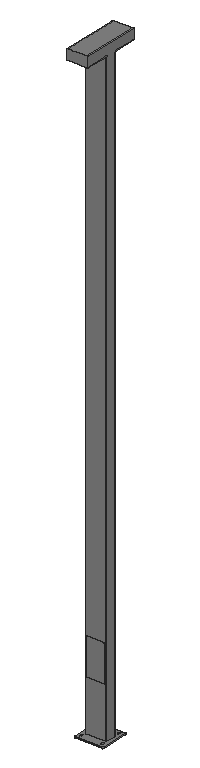
Revit family "Супремус В", category Осветительные приборы, Revit 2019 (continued)
Types (7, lengths in mm): name | Файл фотометрической сетки | built-in parameter 1150105 | Lumens | built-in parameter 1150106 | built-in parameter 1150142 | Wattage | L_общая рассеиватели | ADSK_Фактическая мощность | ADSK_Размер_Высота | ADSK_Номинальная мощность | ADSK_Наименование | ADSK_Масса_Текст | ADSK_Масса | ADSK_Артикул | 2
    0 0.0 0.0 0.0 0.0 0.0 0.0 0.0 0.0 0.0 0.0 0.0 0.0 0.0\r\n 0.0 0.0 0.0 0.0 0.0 0.0 0.0 0.0 0.0 0.0 0.0 0.0 0.0 0.0 0.0 0.0 0.0 0.0 0.0 0.0 0.0 0.0 0.0 0.0 0.0 0.0 0.0 0.0 0.0 0.0 0.0 0.0\r\n 0.0 0.0 0.0 0.0 0.0\r\n275.6 273.7 271.8 269.8 267.9 265.9 264.0 262.0 260.0 257.9 255.6 253.3 251.0 248.8 246.1 243.5 240.4 237.2 233.8 230.1 226.8\r\n 223.3 220.1 217.1 214.2 211.4 209.0 206.5 203.6 200.6 197.6 194.5 191.5 188.3 185.1 181.9 178.6 175.4 171.7 167.9 164.1 160.3\r\n 157.0 153.7 150.5 147.5 144.5 141.6 138.7 135.8 133.1 130.7 128.9 127.4 126.3 124.5 122.6 120.8 119.4 117.7 115.8 113.8 111.8\r\n 109.5 107.1 104.6 102.1 99.7 97.4 95.1 92.7 90.3 87.8 85.5 83.3 81.3 79.2 77.1 75.0 73.0 71.0 69.0 67.0 65.2 63.2 61.2 59.1 57.1\r\n 55.1 53.0 51.0 49.2 47.5 46.0 44.6 43.3 42.0 40.8 39.9 39.1 38.3 37.6 37.1 36.7 36.5 36.3 36.0 35.7 35.2 34.6 34.1 33.7 33.4 33.4\r\n 33.6 34.1 33.9 32.6 31.7 30.9 30.3 29.9 29.4 28.7 28.0 27.5 27.1 26.8 26.9 27.3 28.1 28.9 30.1 32.0 34.5 37.0 39.1 40.8 41.2 42.0\r\n 42.7 42.8 42.6 41.8 41.0 40.2 39.3 38.3 37.3 36.3 35.4 35.4 35.9 35.3 34.7 33.9 33.8 33.5 33.0 32.0 31.2 29.9 28.3 26.9 25.6 24.7\r\n 23.8 23.0 22.0 21.1 20.2 19.2 18.1 16.7 14.9 13.3 12.3 11.2 10.0 8.9 8.1 7.5 6.9 6.5 6.6 6.1 5.8 5.8 5.3 5.3 4.3 3.9 3.8 3.6 3.7\r\n 3.7 3.4 3.2 2.3 2.1 1.8 0.0 0.0 0.0 0.0 0.0 0.0 0.0 0.0 0.0 0.0 0.0 0.0 0.0 0.0 0.0 0.0 0.0 0.0 0.0 0.0 0.0 0.0 0.0 0.0 0.0 0.0\r\n 0.0 0.0 0.0 0.0 0.0 0.0 0.0 0.0 0.0 0.0 0.0 0.0 0.0 0.0 0.0 0.0 0.0 0.0 0.0 0.0 0.0 0.0 0.0 0.0 0.0 0.0 0.0 0.0 0.0 0.0 0.0 0.0\r\n 0.0 0.0 0.0 0.0 0.0 0.0 0.0 0.0 0.0 0.0 0.0 0.0 0.0 0.0 0.0 0.0 0.0 0.0 0.0 0.0 0.0 0.0 0.0 0.0 0.0 0.0 0.0 0.0 0.0 0.0 0.0 0.0\r\n 0.0 0.0 0.0 0.0 0.0 0.0 0.0 0.0 0.0 0.0 0.0 0.0 0.0 0.0 0.0 0.0 0.0 0.0 0.0 0.0 0.0 0.0 0.0 0.0 0.0 0.0 0.0 0.0 0.0 0.0 0.0 0.0\r\n 0.0 0.0 0.0 0.0 0.0 0.0 0.0 0.0 0.0 0.0 0.0 0.0 0.0 0.0 0.0 0.0 0.0 0.0 0.0 0.0 0.0 0.0 0.0 0.0 0.0 0.0 0.0 0.0 0.0 0.0 0.0 0.0\r\n 0.0 0.0 0.0 0.0 0.0 0.0\r\n275.6 274.0 272.1 270.3 268.4 266.6 264.6 262.9 261.0 259.1 257.1 254.9 252.7 250.4 248.0 245.7 243.1 240.2 237.2 234.1 230.9\r\n 227.5 224.1 221.0 218.1 215.2 212.5 210.1 207.6 205.1 202.5 199.5 196.8 194.1 191.3 188.5 185.6 182.6 179.7 176.8 173.7 170.4\r\n 167.1 163.7 160.4 157.2 154.4 151.6 149.0 146.4 143.9 141.5 139.1 136.7 134.5 132.4 130.5 129.1 127.6 126.3 125.0 123.7 122.2\r\n 120.7 119.1 117.3 115.4 113.4 111.3 109.2 107.0 104.7 102.5 100.4 98.3 96.1 93.9 91.6 89.3 87.0 84.8 82.6 80.5 78.5 76.6 74.8\r\n 73.0 71.3 69.4 67.4 65.5 63.7 61.8 60.1 58.4 56.6 54.7 53.1 51.6 50.4 49.3 48.3 47.3 46.3 45.5 45.1 44.6 44.0 43.7 43.2 42.7 42.4\r\n 41.9 41.5 41.0 40.5 40.5 40.8 41.1 40.8 40.2 39.6 38.9 38.4 38.0 37.7 37.4 37.1 36.7 36.3 36.0 35.9 36.1 36.5 37.0 37.5 38.7 40.3\r\n 41.7 42.9 43.7 45.3 47.0 48.8 49.4 49.4 49.3 48.6 47.4 46.0 44.8 43.9 42.8 41.3 40.0 38.5 37.7 37.3 36.5 35.8 34.9 33.8 32.3 30.4\r\n 28.6 26.8 25.2 23.6 22.1 20.8 19.6 18.4 17.2 16.0 14.3 12.4 11.0 9.8 8.5 7.3 6.5 6.0 5.5 5.1 4.9 4.9 4.8 4.7 4.4 4.0 3.5 3.3 3.2\r\n 3.2 3.0 2.9 2.7 2.1 2.0 1.7 1.5 0.0 0.0 0.0 0.0 0.0 0.0 0.0 0.0 0.0 0.0 0.0 0.0 0.0 0.0 0.0 0.0 0.0 0.0 0.0 0.0 0.0 0.0 0.0 0.0\r\n 0.0 0.0 0.0 0.0 0.0 0.0 0.0 0.0 0.0 0.0 0.0 0.0 0.0 0.0 0.0 0.0 0.0 0.0 0.0 0.0 0.0 0.0 0.0 0.0 0.0 0.0 0.0 0.0 0.0 0.0 0.0 0.0\r\n 0.0 0.0 0.0 0.0 0.0 0.0 0.0 0.0 0.0 0.0 0.0 0.0 0.0 0.0 0.0 0.0 0.0 0.0 0.0 0.0 0.0 0.0 0.0 0.0 0.0 0.0 0.0 0.0 0.0 0.0 0.0 0.0\r\n 0.0 0.0 0.0 0.0 0.0 0.0 0.0 0.0 0.0 0.0 0.0 0.0 0.0 0.0 0.0 0.0 0.0 0.0 0.0 0.0 0.0 0.0 0.0 0.0 0.0 0.0 0.0 0.0 0.0 0.0 0.0 0.0\r\n 0.0 0.0 0.0 0.0 0.0 0.0 0.0 0.0 0.0 0.0 0.0 0.0 0.0 0.0 0.0 0.0 0.0 0.0 0.0 0.0 0.0 0.0 0.0 0.0 0.0 0.0 0.0 0.0 0.0 0.0 0.0 0.0\r\n 0.0 0.0 0.0 0.0 0.0 0.0 0.0 0.0\r\n275.6 274.1 272.5 270.6 269.1 267.3 265.5 264.1 262.1 260.4 258.7 256.7 254.6 252.5 250.2 248.0 245.9 243.5 241.0 238.4 235.6\r\n 232.7 229.7 226.6 223.5 220.5 217.8 215.0 212.3 209.8 207.4 205.1 202.8 200.4 197.9 195.4 193.0 190.5 188.1 185.7 183.1 180.5\r\n 177.9 175.1 172.5 169.8 167.1 164.3 161.6 158.9 156.3 153.9 151.7 149.6 147.9 146.2 144.6 142.7 141.1 139.4 137.8 136.4 134.8\r\n 133.4 132.3 131.1 129.6 128.1 126.7 125.0 123.3 121.8 120.0 118.2 116.4 114.5 112.6 110.8 109.1 107.4 105.8 104.2 102.6 101.0\r\n 99.4 97.8 96.1 94.5 92.6 90.8 89.1 87.3 85.7 84.1 82.3 80.6 79.0 77.5 76.1 74.8 73.5 72.4 71.5 70.4 69.1 68.2 67.1 66.2 65.2 64.3\r\n 63.5 62.8 62.0 61.3 60.8 60.4 60.2 60.0 59.7 59.5 59.3 58.8 58.6 58.4 57.8 57.2 56.7 56.2 55.7 55.2 54.5 53.9 53.3 53.0 52.7 52.5\r\n 52.5 52.4 52.3 52.4 52.9 53.4 53.9 54.8 56.1 57.5 58.5 59.5 60.3 61.2 61.2 61.1 60.8 60.0 58.4 55.4 52.5 50.2 48.1 45.9 43.5 40.9\r\n 38.5 36.2 33.8 31.6 29.6 27.6 25.6 23.7 21.8 19.9 18.4 17.0 15.5 14.0 11.9 9.9 8.8 7.7 6.9 6.1 5.5 5.1 4.7 4.5 4.7 4.7 4.3 3.7\r\n 3.3 3.0 3.2 3.0 2.7 2.4 2.0 1.9 1.6 1.4 1.3 0.0 0.0 0.0 0.0 0.0 0.0 0.0 0.0 0.0 0.0 0.0 0.0 0.0 0.0 0.0 0.0 0.0 0.0 0.0 0.0 0.0\r\n 0.0 0.0 0.0 0.0 0.0 0.0 0.0 0.0 0.0 0.0 0.0 0.0 0.0 0.0 0.0 0.0 0.0 0.0 0.0 0.0 0.0 0.0 0.0 0.0 0.0 0.0 0.0 0.0 0.0 0.0 0.0 0.0\r\n 0.0 0.0 0.0 0.0 0.0 0.0 0.0 0.0 0.0 0.0 0.0 0.0 0.0 0.0 0.0 0.0 0.0 0.0 0.0 0.0 0.0 0.0 0.0 0.0 0.0 0.0 0.0 0.0 0.0 0.0 0.0 0.0\r\n 0.0 0.0 0.0 0.0 0.0 0.0 0.0 0.0 0.0 0.0 0.0 0.0 0.0 0.0 0.0 0.0 0.0 0.0 0.0 0.0 0.0 0.0 0.0 0.0 0.0 0.0 0.0 0.0 0.0 0.0 0.0 0.0\r\n 0.0 0.0 0.0 0.0 0.0 0.0 0.0 0.0 0.0 0.0 0.0 0.0 0.0 0.0 0.0 0.0 0.0 0.0 0.0 0.0 0.0 0.0 0.0 0.0 0.0 0.0 0.0 0.0 0.0 0.0 0.0 0.0\r\n 0.0 0.0 0.0 0.0 0.0 0.0 0.0 0.0 0.0 0.0 0.0\r\n275.6 274.2 272.7 271.1 269.7 268.1 266.5 264.9 263.4 261.7 260.1 258.5 256.5 254.6 252.6 250.5 248.5 246.5 244.4 242.2 239.9\r\n 237.4 234.9 232.2 229.4 226.6 223.8 221.1 218.4 215.8 213.2 210.8 208.5 206.2 204.1 201.9 199.9 197.7 195.3 193.2 191.2 188.9\r\n 187.1 185.2 183.2 181.2 179.1 177.0 174.9 173.0 171.0 169.2 167.5 165.7 164.0 162.3 160.8 159.3 157.9 156.6 155.2 154.2 153.1\r\n 151.8 150.5 149.3 148.0 146.6 145.1 143.4 141.6 139.9 138.2 136.8 135.5 134.4 133.3 132.3 131.3 130.1 129.0 127.8 126.6 125.2\r\n 123.8 122.4 121.0 119.6 118.2 116.8 115.6 114.6 113.1 111.9 110.5 109.6 108.3 107.1 106.2 105.5 104.5 103.3 102.3 101.4 100.4\r\n 99.3 98.1 97.1 95.9 94.8 93.8 92.9 92.0 91.4 90.7 90.2 89.6 89.1 88.5 88.0 87.8 87.5 87.4 87.5 87.2 86.8 86.9 86.5 85.9 85.5 85.1\r\n 84.8 84.5 84.2 83.8 83.3 82.6 82.2 81.9 81.3 80.9 80.7 80.1 79.8 79.5 79.2 78.0 76.8 75.6 74.2 72.3 69.7 67.1 63.8 60.6 55.9 50.9\r\n 46.6 42.4 38.5 35.5 33.1 30.8 29.0 27.5 26.3 25.4 24.4 23.6 22.7 21.6 20.7 20.0 19.0 18.1 16.9 15.5 13.4 11.1 9.5 7.9 6.8 6.0 5.3\r\n 4.7 4.2 3.8 3.4 3.4 3.2 3.3 2.9 2.8 2.6 2.3 2.0 1.7 1.5 1.4 1.2 1.2 0.0 0.0 0.0 0.0 0.0 0.0 0.0 0.0 0.0 0.0 0.0 0.0 0.0 0.0 0.0\r\n 0.0 0.0 0.0 0.0 0.0 0.0 0.0 0.0 0.0 0.0 0.0 0.0 0.0 0.0 0.0 0.0 0.0 0.0 0.0 0.0 0.0 0.0 0.0 0.0 0.0 0.0 0.0 0.0 0.0 0.0 0.0 0.0\r\n 0.0 0.0 0.0 0.0 0.0 0.0 0.0 0.0 0.0 0.0 0.0 0.0 0.0 0.0 0.0 0.0 0.0 0.0 0.0 0.0 0.0 0.0 0.0 0.0 0.0 0.0 0.0 0.0 0.0 0.0 0.0 0.0\r\n 0.0 0.0 0.0 0.0 0.0 0.0 0.0 0.0 0.0 0.0 0.0 0.0 0.0 0.0 0.0 0.0 0.0 0.0 0.0 0.0 0.0 0.0 0.0 0.0 0.0 0.0 0.0 0.0 0.0 0.0 0.0 0.0\r\n 0.0 0.0 0.0 0.0 0.0 0.0 0.0 0.0 0.0 0.0 0.0 0.0 0.0 0.0 0.0 0.0 0.0 0.0 0.0 0.0 0.0 0.0 0.0 0.0 0.0 0.0 0.0 0.0 0.0 0.0 0.0 0.0\r\n 0.0 0.0 0.0 0.0 0.0 0.0 0.0 0.0 0.0 0.0 0.0 0.0 0.0 0.0 0.0 0.0 0.0\r\n275.6 274.5 273.1 271.8 270.3 269.0 267.6 266.3 264.7 263.4 261.8 260.1 258.7 257.0 255.2 253.4 251.8 249.9 247.9 246.0 244.1\r\n 242.0 239.9 237.7 235.5 233.3 231.0 228.6 226.3 223.8 221.5 219.0 216.5 214.2 211.9 209.7 207.4 205.3 203.3 201.5 199.8 198.0\r\n 196.3 194.6 193.1 191.7 190.5 189.2 188.1 187.1 186.2 185.1 183.9 182.8 181.7 180.7 179.6 178.5 177.6 176.7 175.9 174.8 174.0\r\n 173.1 172.0 170.9 169.5 168.4 166.8 165.4 164.0 162.6 161.5 160.4 159.5 158.7 157.8 156.9 156.0 155.1 154.3 153.4 152.4 151.3\r\n 150.2 149.3 148.4 147.6 146.9 146.7 145.9 145.0 144.3 143.6 142.5 141.6 141.4 140.7 139.8 138.8 137.9 137.0 135.8 134.8 133.9\r\n 133.0 132.1 131.3 130.5 129.8 129.1 128.4 127.9 127.5 127.1 126.7 126.6 126.4 126.3 126.0 125.8 125.5 125.1 125.0 124.8 124.1\r\n 123.4 122.7 122.2 121.7 121.3 121.1 120.6 120.0 119.3 118.6 118.0 117.0 115.8 114.3 112.6 110.5 107.9 104.6 100.9 97.1 93.2 89.6\r\n 85.0 79.4 74.0 69.0 63.4 56.9 50.6 45.2 40.6 37.4 35.3 33.5 32.1 30.9 30.1 29.4 28.7 27.9 26.9 25.6 24.1 22.6 20.9 19.1 17.5 16.1\r\n 14.7 13.3 11.7 10.4 9.3 7.9 6.4 5.5 4.9 4.3 3.8 3.4 3.0 2.6 2.3 2.3 2.3 2.3 2.3 2.0 1.7 1.4 1.4 1.3 1.3 1.2 1.2 0.0 0.0 0.0 0.0\r\n 0.0 0.0 0.0 0.0 0.0 0.0 0.0 0.0 0.0 0.0 0.0 0.0 0.0 0.0 0.0 0.0 0.0 0.0 0.0 0.0 0.0 0.0 0.0 0.0 0.0 0.0 0.0 0.0 0.0 0.0 0.0 0.0\r\n 0.0 0.0 0.0 0.0 0.0 0.0 0.0 0.0 0.0 0.0 0.0 0.0 0.0 0.0 0.0 0.0 0.0 0.0 0.0 0.0 0.0 0.0 0.0 0.0 0.0 0.0 0.0 0.0 0.0 0.0 0.0 0.0\r\n 0.0 0.0 0.0 0.0 0.0 0.0 0.0 0.0 0.0 0.0 0.0 0.0 0.0 0.0 0.0 0.0 0.0 0.0 0.0 0.0 0.0 0.0 0.0 0.0 0.0 0.0 0.0 0.0 0.0 0.0 0.0 0.0\r\n 0.0 0.0 0.0 0.0 0.0 0.0 0.0 0.0 0.0 0.0 0.0 0.0 0.0 0.0 0.0 0.0 0.0 0.0 0.0 0.0 0.0 0.0 0.0 0.0 0.0 0.0 0.0 0.0 0.0 0.0 0.0 0.0\r\n 0.0 0.0 0.0 0.0 0.0 0.0 0.0 0.0 0.0 0.0 0.0 0.0 0.0 0.0 0.0 0.0 0.0 0.0 0.0 0.0 0.0 0.0 0.0 0.0 0.0 0.0 0.0 0.0\r\n275.6 274.6 273.5 272.3 271.1 269.8 268.7 267.3 266.1 264.8 263.5 261.9 260.6 259.2 257.7 256.3 254.8 253.2 251.7 250.0 248.2\r\n 246.4 244.5 242.6 240.7 238.9 237.2 235.3 233.4 231.6 229.6 227.4 225.3 223.1 221.1 219.3 217.2 215.3 213.5 211.6 210.0 208.4\r\n 206.9 205.7 204.4 203.3 202.3 201.3 200.4 199.6 199.1 198.7 198.2 197.7 197.3 196.7 196.4 195.9 195.6 195.3 195.2 194.9 194.3\r\n 193.7 193.2 192.6 191.7 191.0 190.3 189.5 188.8 188.1 187.4 186.9 186.2 185.8 185.2 184.6 184.1 183.4 182.9 182.4 182.0 181.5\r\n 181.2 180.9 180.7 180.8 180.8 180.1 179.4 179.1 178.7 178.4 178.5 178.4 177.6 176.8 176.2 175.4 174.3 173.3 172.4 171.8 171.2\r\n 170.6 170.1 169.6 169.3 169.0 168.7 168.4 168.1 167.9 167.8 167.6 167.5 167.5 167.4 167.2 167.0 166.6 166.2 165.8 165.4 164.8\r\n 164.4 164.2 164.0 163.6 163.1 162.4 161.6 160.3 159.0 157.3 155.4 153.1 150.1 146.5 142.0 137.0 132.0 126.4 119.6 112.2 104.8\r\n 97.6 90.1 83.2 76.7 71.3 66.4 63.0 59.7 57.8 56.7 55.2 53.5 51.5 48.9 46.0 42.6 39.0 35.1 31.3 27.8 24.6 21.8 19.0 16.6 14.5 12.7\r\n 11.2 9.8 8.6 7.5 6.6 5.9 5.3 4.5 3.7 3.3 3.1 2.9 2.6 2.3 2.1 2.0 1.9 1.7 1.5 1.4 1.3 1.2 1.1 1.1 1.1 1.2 1.2 1.2 0.0 0.0 0.0 0.0\r\n 0.0 0.0 0.0 0.0 0.0 0.0 0.0 0.0 0.0 0.0 0.0 0.0 0.0 0.0 0.0 0.0 0.0 0.0 0.0 0.0 0.0 0.0 0.0 0.0 0.0 0.0 0.0 0.0 0.0 0.0 0.0 0.0\r\n 0.0 0.0 0.0 0.0 0.0 0.0 0.0 0.0 0.0 0.0 0.0 0.0 0.0 0.0 0.0 0.0 0.0 0.0 0.0 0.0 0.0 0.0 0.0 0.0 0.0 0.0 0.0 0.0 0.0 0.0 0.0 0.0\r\n 0.0 0.0 0.0 0.0 0.0 0.0 0.0 0.0 0.0 0.0 0.0 0.0 0.0 0.0 0.0 0.0 0.0 0.0 0.0 0.0 0.0 0.0 0.0 0.0 0.0 0.0 0.0 0.0 0.0 0.0 0.0 0.0\r\n 0.0 0.0 0.0 0.0 0.0 0.0 0.0 0.0 0.0 0.0 0.0 0.0 0.0 0.0 0.0 0.0 0.0 0.0 0.0 0.0 0.0 0.0 0.0 0.0 0.0 0.0 0.0 0.0 0.0 0.0 0.0 0.0\r\n 0.0 0.0 0.0 0.0 0.0 0.0 0.0 0.0 0.0 0.0 0.0 0.0 0.0 0.0 0.0 0.0 0.0 0.0 0.0 0.0 0.0 0.0 0.0 0.0 0.0 0.0 0.0 0.0\r\n275.6 274.9 273.9 272.9 272.0 270.8 269.8 268.8 267.7 266.6 265.4 264.1 262.9 261.6 260.3 259.1 257.8 256.6 255.2 253.9 252.5\r\n 251.0 249.6 247.9 246.4 244.8 243.2 241.7 240.0 238.2 236.9 235.3 233.9 232.6 231.1 229.8 228.3 227.1 225.6 224.3 223.0 222.0\r\n 220.7 219.7 218.6 217.8 216.9 216.0 215.4 214.7 214.0 213.5 213.1 212.6 212.3 211.7 211.4 211.3 211.2 211.1 211.0 210.8 210.8\r\n 210.8 210.7 210.7 210.6 210.8 210.8 210.8 210.9 211.1 211.3 211.4 211.5 211.5 211.5 211.4 211.4 211.5 211.7 211.9 211.9 212.1\r\n 212.3 212.6 213.2 213.5 213.4 213.3 213.4 213.4 213.8 214.1 213.9 213.2 212.9 212.5 211.9 211.5 211.3 211.1 211.0 210.9 210.9\r\n 210.9 210.8 210.8 210.8 210.8 210.9 211.0 211.0 211.1 211.3 211.7 212.3 212.9 213.3 213.6 214.1 214.4 214.6 214.7 214.8 214.7\r\n 214.4 214.2 213.8 213.2 211.9 210.0 207.8 204.8 201.7 198.5 194.3 189.5 184.1 178.3 172.2 165.8 157.9 150.2 142.1 134.7 127.3\r\n 119.8 112.4 106.8 103.0 100.5 98.7 97.7 96.6 94.1 89.8 83.3 75.8 67.4 59.0 50.9 42.7 35.4 29.7 25.2 21.8 18.9 16.4 14.1 12.1 10.4\r\n 9.0 8.0 7.0 6.3 5.6 4.9 4.2 3.7 3.4 3.2 3.1 3.0 2.6 2.3 2.1 2.0 1.8 1.6 1.4 1.2 1.1 1.1 1.1 1.1 1.1 1.1 1.2 1.2 1.2 0.0 0.0 0.0\r\n 0.0 0.0 0.0 0.0 0.0 0.0 0.0 0.0 0.0 0.0 0.0 0.0 0.0 0.0 0.0 0.0 0.0 0.0 0.0 0.0 0.0 0.0 0.0 0.0 0.0 0.0 0.0 0.0 0.0 0.0 0.0 0.0\r\n 0.0 0.0 0.0 0.0 0.0 0.0 0.0 0.0 0.0 0.0 0.0 0.0 0.0 0.0 0.0 0.0 0.0 0.0 0.0 0.0 0.0 0.0 0.0 0.0 0.0 0.0 0.0 0.0 0.0 0.0 0.0 0.0\r\n 0.0 0.0 0.0 0.0 0.0 0.0 0.0 0.0 0.0 0.0 0.0 0.0 0.0 0.0 0.0 0.0 0.0 0.0 0.0 0.0 0.0 0.0 0.0 0.0 0.0 0.0 0.0 0.0 0.0 0.0 0.0 0.0\r\n 0.0 0.0 0.0 0.0 0.0 0.0 0.0 0.0 0.0 0.0 0.0 0.0 0.0 0.0 0.0 0.0 0.0 0.0 0.0 0.0 0.0 0.0 0.0 0.0 0.0 0.0 0.0 0.0 0.0 0.0 0.0 0.0\r\n 0.0 0.0 0.0 0.0 0.0 0.0 0.0 0.0 0.0 0.0 0.0 0.0 0.0 0.0 0.0 0.0 0.0 0.0 0.0 0.0 0.0 0.0 0.0 0.0 0.0 0.0 0.0 0.0 0.0\r\n275.6 275.1 274.4 273.6 272.7 271.8 271.0 270.0 269.2 268.1 267.0 266.1 265.0 264.0 262.9 261.9 260.7 259.6 258.5 257.4 256.1\r\n 254.9 253.8 252.4 251.3 250.1 248.9 247.6 246.5 245.2 244.0 242.8 241.9 240.9 239.9 239.2 238.2 237.3 236.6 235.9 235.3 234.8\r\n 234.4 233.9 233.5 233.1 232.9 232.5 231.9 231.4 231.1 230.6 230.3 229.9 229.6 229.4 229.3 228.9 228.8 228.6 228.4 228.4 228.5\r\n 228.6 228.7 229.1 229.5 229.9 230.2 230.7 231.0 231.6 232.2 232.7 233.1 233.6 234.2 234.7 235.3 235.9 236.4 237.0 237.6 238.4\r\n 239.4 240.8 241.7 242.1 242.5 243.2 244.1 245.1 245.5 245.4 245.4 245.5 245.4 245.5 245.8 245.9 246.1 246.5 246.8 247.3 247.7\r\n 248.0 248.5 249.0 249.3 249.7 249.8 250.3 251.0 251.9 252.8 253.8 254.7 255.6 256.4 256.7 256.9 256.7 256.4 256.1 256.1 256.0\r\n 255.6 254.6 252.8 250.7 248.2 244.7 240.1 235.1 230.0 225.0 220.1 215.3 210.0 204.1 198.6 192.8 186.7 180.9 175.4 169.7 164.5\r\n 160.1 156.9 155.3 154.2 151.0 146.1 139.0 128.6 115.3 100.4 85.0 70.6 60.0 49.4 38.7 32.0 27.0 22.7 18.9 15.7 13.2 11.2 9.7 8.5\r\n 7.6 6.8 6.0 5.4 4.7 4.2 3.6 3.2 3.0 2.9 2.8 2.6 2.5 2.4 2.2 1.8 1.6 1.4 1.2 1.1 1.0 1.0 1.0 1.0 1.0 1.1 1.1 1.1 1.2 1.2 0.0 0.0\r\n 0.0 0.0 0.0 0.0 0.0 0.0 0.0 0.0 0.0 0.0 0.0 0.0 0.0 0.0 0.0 0.0 0.0 0.0 0.0 0.0 0.0 0.0 0.0 0.0 0.0 0.0 0.0 0.0 0.0 0.0 0.0 0.0\r\n 0.0 0.0 0.0 0.0 0.0 0.0 0.0 0.0 0.0 0.0 0.0 0.0 0.0 0.0 0.0 0.0 0.0 0.0 0.0 0.0 0.0 0.0 0.0 0.0 0.0 0.0 0.0 0.0 0.0 0.0 0.0 0.0\r\n 0.0 0.0 0.0 0.0 0.0 0.0 0.0 0.0 0.0 0.0 0.0 0.0 0.0 0.0 0.0 0.0 0.0 0.0 0.0 0.0 0.0 0.0 0.0 0.0 0.0 0.0 0.0 0.0 0.0 0.0 0.0 0.0\r\n 0.0 0.0 0.0 0.0 0.0 0.0 0.0 0.0 0.0 0.0 0.0 0.0 0.0 0.0 0.0 0.0 0.0 0.0 0.0 0.0 0.0 0.0 0.0 0.0 0.0 0.0 0.0 0.0 0.0 0.0 0.0 0.0\r\n 0.0 0.0 0.0 0.0 0.0 0.0 0.0 0.0 0.0 0.0 0.0 0.0 0.0 0.0 0.0 0.0 0.0 0.0 0.0 0.0 0.0 0.0 0.0 0.0 0.0 0.0 0.0 0.0 0.0 0.0\r\n275.6 275.2 274.7 274.0 273.6 272.9 272.1 271.5 270.5 269.8 269.0 268.1 267.3 266.4 265.5 264.6 263.9 262.9 261.9 260.8 259.8\r\n 258.7 257.7 256.8 255.7 254.7 253.9 252.9 252.1 251.1 250.4 249.9 249.3 248.6 248.3 247.7 247.1 246.8 246.5 246.5 246.4 246.4\r\n 246.5 246.4 246.3 246.3 246.5 246.4 246.5 246.5 246.5 246.6 246.7 246.8 247.0 247.1 247.1 247.4 247.4 247.5 247.8 248.1 248.3\r\n 248.5 249.0 249.6 250.1 250.6 251.1 251.8 252.3 252.9 253.4 254.0 254.5 255.1 255.8 256.6 257.5 258.5 259.2 260.2 261.2 262.3\r\n 263.9 265.3 266.2 267.0 268.1 269.6 270.6 271.2 271.4 271.5 271.8 272.0 272.3 272.5 273.3 274.0 274.5 275.0 275.6 276.3 276.7\r\n 277.1 277.9 278.8 279.5 280.4 281.8 283.0 284.6 286.3 287.6 289.1 290.4 291.3 291.9 291.9 291.5 291.2 290.7 290.2 289.9 289.3\r\n 288.0 285.8 283.5 280.5 276.5 272.0 267.1 262.2 257.7 253.3 249.0 244.7 240.4 236.4 232.4 227.6 223.2 219.0 215.4 211.7 207.3\r\n 203.7 200.0 195.1 188.1 178.8 166.6 151.4 132.7 113.9 95.4 80.5 67.6 54.9 43.4 33.3 26.0 20.5 16.7 13.8 11.8 10.1 8.9 7.9 7.1 6.4\r\n 5.9 5.4 5.0 4.4 3.8 3.3 3.0 2.8 2.7 2.6 2.6 2.6 2.6 2.1 1.7 1.5 1.3 1.1 1.1 1.0 1.0 1.0 1.0 1.0 1.1 1.1 1.1 1.2 1.2 0.0 0.0 0.0\r\n 0.0 0.0 0.0 0.0 0.0 0.0 0.0 0.0 0.0 0.0 0.0 0.0 0.0 0.0 0.0 0.0 0.0 0.0 0.0 0.0 0.0 0.0 0.0 0.0 0.0 0.0 0.0 0.0 0.0 0.0 0.0 0.0\r\n 0.0 0.0 0.0 0.0 0.0 0.0 0.0 0.0 0.0 0.0 0.0 0.0 0.0 0.0 0.0 0.0 0.0 0.0 0.0 0.0 0.0 0.0 0.0 0.0 0.0 0.0 0.0 0.0 0.0 0.0 0.0 0.0\r\n 0.0 0.0 0.0 0.0 0.0 0.0 0.0 0.0 0.0 0.0 0.0 0.0 0.0 0.0 0.0 0.0 0.0 0.0 0.0 0.0 0.0 0.0 0.0 0.0 0.0 0.0 0.0 0.0 0.0 0.0 0.0 0.0\r\n 0.0 0.0 0.0 0.0 0.0 0.0 0.0 0.0 0.0 0.0 0.0 0.0 0.0 0.0 0.0 0.0 0.0 0.0 0.0 0.0 0.0 0.0 0.0 0.0 0.0 0.0 0.0 0.0 0.0 0.0 0.0 0.0\r\n 0.0 0.0 0.0
     0.0 0.0 0.0 0.0 0.0 0.0 0.0 0.0 0.0 0.0 0.0 0.0 0.0 0.0 0.0 0.0 0.0 0.0 0.0 0.0 0.0 0.0 0.0 0.0 0.0 0.0\r\n275.6 275.4 275.1 274.8 274.3 273.9 273.4 272.8 272.2 271.6 271.0 270.2 269.6 268.9 268.3 267.4 266.8 266.0 265.2 264.3 263.6\r\n 262.5 261.6 260.8 260.1 259.4 258.7 257.9 257.5 256.9 256.4 256.1 255.6 255.4 255.2 255.0 254.8 254.8 255.1 255.4 255.5 255.6\r\n 255.9 256.3 256.7 257.0 257.3 257.7 258.1 258.5 259.1 259.6 260.2 260.6 261.3 261.8 262.3 262.9 263.8 264.5 265.2 266.2 267.0\r\n 267.8 268.9 269.7 270.6 271.5 272.4 273.5 274.4 275.4 276.5 277.3 278.4 279.3 280.2 281.2 282.0 283.2 284.3 285.5 287.0 288.7\r\n 290.5 291.5 292.5 293.7 295.1 296.5 297.0 297.2 297.6 298.1 298.4 298.7 299.1 299.6 300.3 300.8 301.5 302.4 303.4 304.4 305.4\r\n 306.6 308.2 309.8 311.5 313.4 315.4 317.1 319.1 320.9 322.0 323.0 323.8 323.9 323.6 323.1 322.1 321.3 320.3 319.5 318.7 317.1\r\n 314.7 311.8 308.0 304.1 300.1 295.5 290.8 285.9 281.1 276.6 272.5 268.3 263.8 259.4 255.0 251.1 247.7 244.5 240.8 236.0 231.1\r\n 225.1 217.4 207.1 195.4 181.5 164.8 146.3 126.2 105.9 88.8 73.9 60.6 47.4 34.1 25.5 19.7 15.8 13.0 11.5 10.2 9.2 8.5 7.8 7.0 6.3\r\n 5.7 5.1 4.5 4.1 3.5 3.0 2.7 2.5 2.4 2.3 2.2 2.1 1.9 1.8 1.7 1.5 1.3 1.2 1.1 1.0 0.9 0.9 0.9 1.0 1.0 1.0 1.0 1.1 1.1 0.0 0.0 0.0\r\n 0.0 0.0 0.0 0.0 0.0 0.0 0.0 0.0 0.0 0.0 0.0 0.0 0.0 0.0 0.0 0.0 0.0 0.0 0.0 0.0 0.0 0.0 0.0 0.0 0.0 0.0 0.0 0.0 0.0 0.0 0.0 0.0\r\n 0.0 0.0 0.0 0.0 0.0 0.0 0.0 0.0 0.0 0.0 0.0 0.0 0.0 0.0 0.0 0.0 0.0 0.0 0.0 0.0 0.0 0.0 0.0 0.0 0.0 0.0 0.0 0.0 0.0 0.0 0.0 0.0\r\n 0.0 0.0 0.0 0.0 0.0 0.0 0.0 0.0 0.0 0.0 0.0 0.0 0.0 0.0 0.0 0.0 0.0 0.0 0.0 0.0 0.0 0.0 0.0 0.0 0.0 0.0 0.0 0.0 0.0 0.0 0.0 0.0\r\n 0.0 0.0 0.0 0.0 0.0 0.0 0.0 0.0 0.0 0.0 0.0 0.0 0.0 0.0 0.0 0.0 0.0 0.0 0.0 0.0 0.0 0.0 0.0 0.0 0.0 0.0 0.0 0.0 0.0 0.0 0.0 0.0\r\n 0.0 0.0 0.0 0.0 0.0 0.0 0.0 0.0 0.0 0.0 0.0 0.0 0.0 0.0 0.0 0.0 0.0 0.0 0.0 0.0 0.0 0.0 0.0 0.0 0.0 0.0 0.0 0.0 0.0\r\n275.6 275.6 275.4 275.4 275.1 275.0 274.6 274.5 274.0 273.6 273.1 272.6 272.1 271.6 271.2 270.5 269.9 269.3 268.8 268.0 267.4\r\n 266.9 266.3 265.6 265.0 264.5 264.1 263.6 263.2 263.0 262.7 262.5 262.4 262.4 262.3 262.4 262.5 262.8 263.1 263.2 263.6 264.1\r\n 264.6 265.1 265.7 266.3 266.8 267.5 268.0 268.6 269.3 270.0 270.6 271.4 272.2 272.9 274.0 274.8 275.8 276.8 277.9 279.0 280.1\r\n 281.1 282.3 283.5 284.7 286.1 287.2 288.5 289.8 291.2 292.5 294.0 295.6 296.9 298.3 299.9 301.1 302.3 303.8 305.3 307.0 309.2\r\n 310.7 312.1 313.4 315.4 317.5 318.3 318.9 319.8 320.8 321.9 322.8 323.7 324.9 326.2 327.1 328.4 329.9 331.5 333.0 334.7 336.5\r\n 338.5 340.6 342.9 345.1 347.3 349.5 351.3 352.7 353.8 354.6 355.1 355.0 354.6 353.9 353.3 352.9 352.1 350.9 350.0 348.7 346.8\r\n 343.7 340.1 336.0 332.0 328.1 323.5 318.6 314.1 309.6 304.7 300.3 295.5 290.9 286.8 283.6 281.0 278.4 276.0 271.5 265.0 257.4\r\n 247.6 235.1 220.3 205.5 189.6 171.6 151.8 130.1 108.8 90.3 73.3 59.4 45.5 31.5 24.0 18.8 15.4 13.3 11.9 10.7 9.6 8.8 7.9 7.1 6.4\r\n 5.7 5.1 4.4 3.8 3.2 2.6 2.3 2.0 2.0 2.0 2.0 2.0 1.8 1.8 1.6 1.5 1.3 1.1 1.1 1.0 0.9 0.9 0.9 0.9 0.9 0.9 1.0 1.0 1.0 0.0 0.0 0.0\r\n 0.0 0.0 0.0 0.0 0.0 0.0 0.0 0.0 0.0 0.0 0.0 0.0 0.0 0.0 0.0 0.0 0.0 0.0 0.0 0.0 0.0 0.0 0.0 0.0 0.0 0.0 0.0 0.0 0.0 0.0 0.0 0.0\r\n 0.0 0.0 0.0 0.0 0.0 0.0 0.0 0.0 0.0 0.0 0.0 0.0 0.0 0.0 0.0 0.0 0.0 0.0 0.0 0.0 0.0 0.0 0.0 0.0 0.0 0.0 0.0 0.0 0.0 0.0 0.0 0.0\r\n 0.0 0.0 0.0 0.0 0.0 0.0 0.0 0.0 0.0 0.0 0.0 0.0 0.0 0.0 0.0 0.0 0.0 0.0 0.0 0.0 0.0 0.0 0.0 0.0 0.0 0.0 0.0 0.0 0.0 0.0 0.0 0.0\r\n 0.0 0.0 0.0 0.0 0.0 0.0 0.0 0.0 0.0 0.0 0.0 0.0 0.0 0.0 0.0 0.0 0.0 0.0 0.0 0.0 0.0 0.0 0.0 0.0 0.0 0.0 0.0 0.0 0.0 0.0 0.0 0.0\r\n 0.0 0.0 0.0 0.0 0.0 0.0 0.0 0.0 0.0 0.0 0.0 0.0 0.0 0.0 0.0 0.0 0.0 0.0 0.0 0.0 0.0 0.0 0.0 0.0 0.0 0.0 0.0 0.0 0.0\r\n" | 29.6213 W | 326 | 38.9 W | 4000 | 40 W | "ДТУ121с3 Светодиодный светильник Супремус-B ДТУ-121-AF-ДТУП1211(40Вт)-4.0" | "83" | 83 | "ДТУ121с3" | no
